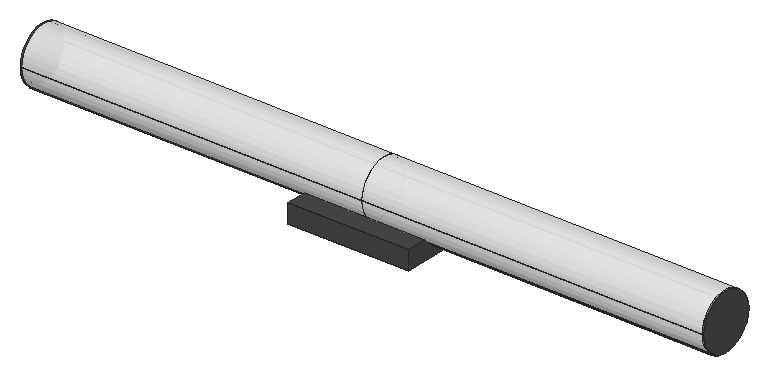
Revit family "3-5013-xx - Fugit (Vanity)", category Lighting Fixtures, host Face, Revit 2017
Family settings
  Host = Face
  Round Connector Dimension = Use Diameter
  Part Type = Normal
  Cut with Voids When Loaded = No
  Light Source = Yes
  Shared = No
  Room Calculation Point = No
Parameters (values of type "3-5013-15 - Fugit")
  Wattage Comments = "31.20 W at 120 V"  # constant formula
  Wattage = 31.2 W
  built-in parameter 1150110 = 1 (stored number, unit not read)
  Voltage Input [instance] = "120 V or 277 V - 50/60 Hz"  # constant formula
  URL = "www.oxygenlighting.com"
  built-in parameter 1114217 = 1 (stored number, unit not read)
  Tilt Angle = 180.00°  # constant formula
  built-in parameter 1150109 = 1 (stored number, unit not read)
  built-in parameter 1150134 = (empty or 0)
  built-in parameter 1150113 = 1 (stored number, unit not read)
  References [instance] = "Ref. 3 = 120 V / Ref. 37 = 277 V"  # constant formula
  Photometric Web File = "3-5013 Fugit.ies"
  Other 2 = none
  Other 1 = none
  Model = "3-5013-XX - Fugit"  # constant formula
  Metal Finish = 15 - Black
  Manufacturer = "Oxygen - Lighting & Fans"  # constant formula
  Main Diffuser = Matte White Acrylic
  built-in parameter 1150105 = 175.54 (stored number, unit not read)
  Lumens = 2205.84 lm
  built-in parameter 1150115 = 1 (stored number, unit not read)
  built-in parameter 1150137 = (empty or 0)
  built-in parameter 1150139 = (empty or 0)
  built-in parameter 1150112 = 1 (stored number, unit not read)
  built-in parameter 1150114 = 1 (stored number, unit not read)
  Lamp = "LED Array"  # constant formula
  built-in parameter 1150132 = (empty or 0)
  built-in parameter 1150102 = (empty or 0)
  built-in parameter 1150107 = 3000 (stored number, unit not read)
  built-in parameter 1150138 = (empty or 0)
  built-in parameter 1150106 = 1.7554 (stored number, unit not read)
  Emit from Rectangle Width = 22.00"  # constant formula
  built-in parameter 1150128 = 1.00"  # constant formula
  Emit Shape Visible in Rendering = no
  built-in parameter 1150104 = 6.5682 (stored number, unit not read)
  Dimming Lamp Color Temperature Shift = <None>
  Default Elevation = 0.00"
  Color Filter = 16777215
  Emit from Rectangle Length = 12.00"
  built-in parameter 1150133 = 10 (stored number, unit not read)
  2nd Diffuser = none
Types (4): name | Metal Finish
  (no name) | 15 - Black
  3-5013-15 - Fugit | 15 - Black
  3-5013-20 - Fugit | 20 - Polished Nickel
  3-5013-24 - Fugit | 24 - Satin Nickel
Reference planes (in)
  plane 1 "Center (Front/Back)": y = 0
  plane 2: z = 0
  plane 3 "Center (Left/Right)": x = 0
  plane 4 "M.C.": y = 0
  plane 5 "Light Source Height": y = 0
  plane 6 "Light Source Ext.": z = 1.5
Dimensions and locks (in)
  aligned and locked: plane 2 to host face
  aligned and locked: level to host face
  aligned and locked: imposter light to plane 5 "Light Source Height"
  aligned and locked: plane 6 "Light Source Ext." to imposter light
  aligned and locked: plane 3 "Center (Left/Right)" to imposter light
Nested families (in)
  nested 1: "Fugit 5013" at (0, 0, 0), type "Fugit 5013"
Definition of nested family "Fugit 5013"
  Parameters (values of type "Fugit 5013")
    Others 2 = none
    Others 1 = none
    Metal Finish = none
    Main Diffuser = none
    2nd Diffuser = none
  Reference planes (in)
    plane 1 "Center (Front/Back)": y = 0
    plane 2: z = 0
    plane 3 "Center (Left/Right)": x = 0
    plane 4 "Very Bottom": y = -5
    plane 5: z = 1.68803
  Forms (in)
    Extrusion 1, solid, material <- "Metal Finish"
      sketch origin (0, 0, 0) x (1, 0, 0) y (0, 1, 0)
        loop
          line (-3, -2.25) -> (3, -2.25) -> (3, 2.25) -> (-3, 2.25) -> (-3, -2.25)
      from 0 to 0.94
    Extrusion 2, void
      sketch origin (0, 0, 0) x (0, 1, 0) y (0, 0, 1)
        loop
          circle (0, 1.68803) r 1.41732
      from -8.09795 to 12
    Extrusion 3, solid, material <- "Main Diffuser"
      sketch origin (0, 0, 0) x (0, 1, 0) y (0, 0, 1)
        loop
          circle (0, 1.68803) r 1.37795
        loop
          circle (0, 1.68803) r 1.24795
      from 0 to 17.01
    Extrusion 4, solid, material <- "Metal Finish"
      sketch origin (0, 0, 0) x (0, 1, 0) y (0, 0, 1)
        loop
          line (-0.84833, 0.60217) -> (-0.8682, 0.56775)
          arc (-0.8682, 0.56775) -> (0, 0.27071) -> (0.8682, 0.56775) r 1.41732
          line (0.8682, 0.56775) -> (0.84833, 0.60217)
          arc (0.84833, 0.60217) -> (0, 0.31008) -> (-0.84833, 0.60217) r 1.37795
      from 0 to 17.01
    Extrusion 5, solid, material <- "Metal Finish"
      sketch origin (0, 0, 0) x (0, 1, 0) y (0, 0, 1)
        loop
          circle (0, 1.68803) r 1.37795
      from 17.01 to 17.09
    Extrusion 6, solid, material <- "Main Diffuser"
      sketch origin (0, 0, 0) x (0, 1, 0) y (0, 0, -1)
        loop
          circle (0, -1.68803) r 1.37795
        loop
          circle (0, -1.68803) r 1.24795
      from 0 to 17.01
    Extrusion 7, solid, material <- "Metal Finish"
      sketch origin (0, 0, 0) x (0, 1, 0) y (0, 0, -1)
        loop
          arc (-0.84833, -0.60217) -> (0, -0.31008) -> (0.84833, -0.60217) r 1.37795
          line (0.84833, -0.60217) -> (0.8682, -0.56775)
          arc (0.8682, -0.56775) -> (0, -0.27071) -> (-0.8682, -0.56775) r 1.41732
          line (-0.8682, -0.56775) -> (-0.84833, -0.60217)
      from 0 to 17.01
    Extrusion 8, solid, material <- "Metal Finish"
      sketch origin (0, 0, 0) x (0, 1, 0) y (0, 0, -1)
        loop
          circle (0, -1.68803) r 1.37795
      from 17.01 to 17.09
  Cuts and joins
    Extrusion 2 cuts Extrusion 1
    joined: Extrusion 3, Extrusion 6
    joined: Extrusion 4, Extrusion 7
  Lines and regions (in)
    model lines
      curve 1: line (-4, 0, 0) -> (4, 0, 0)
      curve 2: line (0, -4, 0) -> (0, 4, 0)
    symbolic lines
      curve 3: circle (0, 0, 0) r 2 normal (0, 0, 1)
    model lines, not visible
      curve 4: line (-13.0722, 21.77075, 0) -> (-5.0722, 21.77075, 0)
      curve 5: line (-9.0722, 17.77075, 0) -> (-9.0722, 25.77075, 0)
    symbolic lines, not visible
      curve 6: circle (-9.0722, 21.77075, 0) r 2 normal (0, 0, 1)
  Text (in)
    text "M.C." at (0.88973, 1.62995, 0), in view "Ref. Level"
    text "M.C." at (-8.18247, 23.4007, 0), in view "Ref. Level", not visible
  Dimensions and locks (in)
    aligned and locked: plane 2 to level
